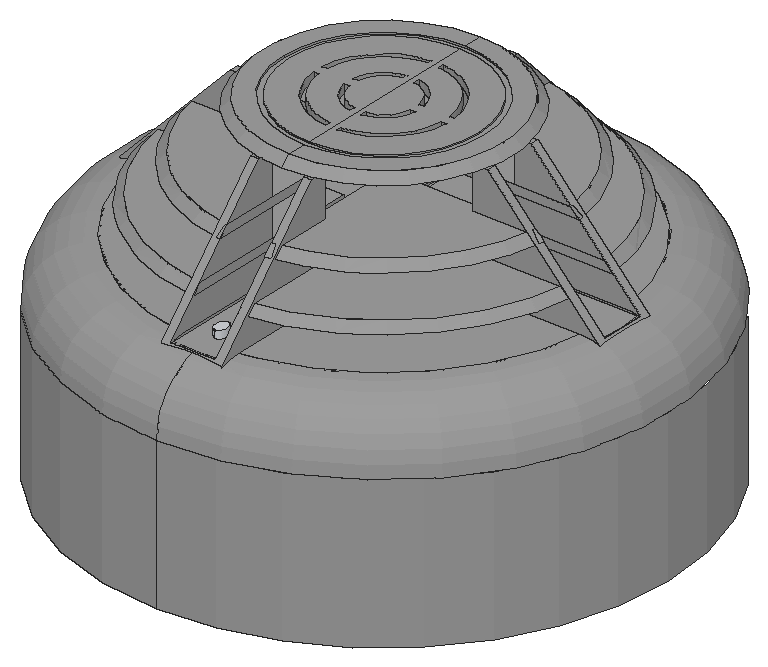
Revit family "Dougs", category Fire Alarm Devices, Revit 2014
Parameters (values of type "Notifier by Honeywell OPAL Thermal Sensor NFXI-TDIFF, NFXI-TFIX58, NFXI-TFIX78")
  Zone number = ""
  URL = "www.notifierfiresystems.co.uk"
  Tel No. = "+44 (0) 1273 897000"
  Product Code = "NFXI-TDIFF, NFXI-TFIX58,NFXI-TFIX78"
  Model = "OPAL Thermal Sensor"
  Manufacturer = "Notifier by Honeywell"
  Loop number = ""
  Fax No. = "+44 (0) 1273 376894"
  Email = "sales@notifierefiresystems.co.uk"
  Detector number = ""
  Description = "Thermal Sensor"
  Control Panel name = ""
  Assembly Code = "D4090900"
  Address line 1 = "Caburn House, Brooks Road, Lewes, E. Sussex BN7 2BY"
Reference planes
  plane 1 "Center (Front/Back)": y = 0
  plane 2: z = 0
  plane 3 "Center (Left/Right)": x = 0
Forms (mm)
  Revolve 1, solid, material "ALARM"
    sketch origin (0, 0, 0) x (0, 1, 0) y (0, 0, 1)
      loop
        line (0, 0) -> (0, 38) -> (-40.013, 38)
        arc (-40.013, 38) -> (-47.782, 34.782) -> (-51, 27.013) r 10.987
        line (-51, 27.013) -> (-51, 0) -> (0, 0)
      axis (0, 0) -> (0, 38)
    angle from 0 to 360
  Revolve 2, solid, material "ALARM"
    sketch origin (0, 0, 0.963) x (0, 1, 0) y (0, 0, 1)
      loop
        line (0, 42.008) -> (0, 43.481) -> (-36.478, 43.481) -> (-37.952, 42.008) -> (0, 42.008)
      axis (0, 42.008) -> (0, 43.481)
    angle from 0 to 360
  Revolve 3, solid, material "ALARM"
    sketch origin (0, 0, 2.04) x (0, 1, 0) y (0, 0, 1)
      loop
        line (0, 47.478) -> (0, 49.008) -> (-30.473, 49.008) -> (-32.003, 47.478) -> (0, 47.478)
      axis (0, 49.008) -> (0, 47.478)
    angle from 0 to 360
  Extrusion 4, solid, material "ALARM"
    sketch origin (0, 0, 0) x (0, 1, 0) y (0, 0, 1)
      loop
        line (-23.011, 58.51) -> (-43.62, 36.801) -> (-20.19, 36.801) -> (-20.19, 58.51) -> (-23.011, 58.51)
    from -5.5 to 5.5
  Extrusion 5, void
    sketch origin (0, 0, 0) x (1, 0, 0) y (0, 0, 1)
      loop
        line (4, 58.51) -> (-4, 58.51) -> (-4, 37.718) -> (4, 37.718) -> (4, 58.51)
    from 47.446 to 0
  Extrusion 6, solid
    sketch origin (0, 0, 0) x (1, 0, 0) y (0, 1, 0)
      loop
        spline (0, -37.899) -> (0.259, -37.849) -> (0.501, -37.703) -> (0.709, -37.47) -> (0.868, -37.167) -> (0.968, -36.813) -> (1.002, -36.434) -> (0.968, -36.055) -> (0.868, -35.702) -> (0.709, -35.399) -> (0.501, -35.166) -> (0.259, -35.02) -> (0, -34.97)
        spline (0, -34.97) -> (-0.259, -35.02) -> (-0.501, -35.166) -> (-0.709, -35.399) -> (-0.868, -35.702) -> (-0.968, -36.055) -> (-1.002, -36.434) -> (-0.968, -36.813) -> (-0.868, -37.167) -> (-0.709, -37.47) -> (-0.501, -37.703) -> (-0.259, -37.849) -> (0, -37.899)
      loop
        spline (0, 34.972) -> (0.269, 35.022) -> (0.52, 35.168) -> (0.735, 35.401) -> (0.9, 35.703) -> (1.004, 36.056) -> (1.04, 36.434) -> (1.004, 36.813) -> (0.9, 37.165) -> (0.735, 37.468) -> (0.52, 37.701) -> (0.269, 37.847) -> (0, 37.896)
        spline (0, 37.896) -> (-0.269, 37.847) -> (-0.52, 37.701) -> (-0.735, 37.468) -> (-0.9, 37.165) -> (-1.004, 36.813) -> (-1.04, 36.434) -> (-1.004, 36.056) -> (-0.9, 35.703) -> (-0.735, 35.401) -> (-0.52, 35.168) -> (-0.269, 35.022) -> (0, 34.972)
    from 30 to 39
  Revolve 7, solid, material "ALARM"
    sketch origin (0, 0, 11.032) x (0, 1, 0) y (0, 0, 1)
      loop
        line (0, 47.478) -> (0, 49.008) -> (-21.481, 49.008) -> (-23.011, 47.478) -> (0, 47.478)
      axis (0, 49.008) -> (0, 47.478)
    angle from 0 to 360
  Extrusion 8, solid, material "ALARM"
    sketch origin (0, 0, 0) x (-1, 0, 0) y (0, 0, 1)
      loop
        line (-23.011, 58.51) -> (-43.62, 36.801) -> (-20.19, 36.801) -> (-20.19, 58.51) -> (-23.011, 58.51)
    from -5.5 to 5.5
  Extrusion 9, void
    sketch origin (0, 0, 0) x (0, 1, 0) y (0, 0, 1)
      loop
        line (4, 58.51) -> (-4, 58.51) -> (-4, 37.718) -> (4, 37.718) -> (4, 58.51)
    from 47.446 to 0
  Extrusion 10, solid, material "ALARM"
    sketch origin (0, 0, 0) x (0, -1, 0) y (0, 0, 1)
      loop
        line (-23.011, 58.51) -> (-43.62, 36.801) -> (-20.19, 36.801) -> (-20.19, 58.51) -> (-23.011, 58.51)
    from -5.5 to 5.5
  Extrusion 11, void
    sketch origin (0, 0, 0) x (-1, 0, 0) y (0, 0, 1)
      loop
        line (4, 58.51) -> (-4, 58.51) -> (-4, 37.718) -> (4, 37.718) -> (4, 58.51)
    from 47.446 to 0
  Extrusion 12, solid, material "ALARM"
    sketch origin (0, 0, 0) x (1, 0, 0) y (0, 0, 1)
      loop
        line (-23.011, 58.51) -> (-43.62, 36.801) -> (-20.19, 36.801) -> (-20.19, 58.51) -> (-23.011, 58.51)
    from -5.5 to 5.5
  Extrusion 13, void
    sketch origin (0, 0, 0) x (0, -1, 0) y (0, 0, 1)
      loop
        line (4, 58.51) -> (-4, 58.51) -> (-4, 37.718) -> (4, 37.718) -> (4, 58.51)
    from 47.446 to 0
  Extrusion 14, void
    sketch origin (0, 0, 0) x (1, 0, 0) y (0, 1, 0)
      loop
        line (-11.914, 1) -> (-10.91, 1)
        arc (-10.91, 1) -> (-7.747, 7.747) -> (-1, 10.91) r 10.956
        line (-1, 10.91) -> (-1, 11.914)
        arc (-1, 11.914) -> (-8.454, 8.454) -> (-11.914, 1) r 11.956
      loop
        line (-6.427, 1) -> (-5.413, 1)
        arc (-5.413, 1) -> (-3.892, 3.892) -> (-1, 5.413) r 5.504
        line (-1, 5.413) -> (-1, 6.427)
        arc (-1, 6.427) -> (-4.599, 4.599) -> (-6.427, 1) r 6.504
      loop
        arc (-11.914, -1) -> (-8.454, -8.454) -> (-1, -11.914) r 11.956
        line (-1, -11.914) -> (-1, -10.91)
        arc (-1, -10.91) -> (-7.747, -7.747) -> (-10.91, -1) r 10.956
        line (-10.91, -1) -> (-11.914, -1)
      loop
        arc (-6.427, -1) -> (-4.599, -4.599) -> (-1, -6.427) r 6.504
        line (-1, -6.427) -> (-1, -5.413)
        arc (-1, -5.413) -> (-3.892, -3.892) -> (-5.413, -1) r 5.504
        line (-5.413, -1) -> (-6.427, -1)
      loop
        arc (11.914, 1) -> (8.454, 8.454) -> (1, 11.914) r 11.956
        line (1, 11.914) -> (1, 10.91)
        arc (1, 10.91) -> (7.747, 7.747) -> (10.91, 1) r 10.956
        line (10.91, 1) -> (11.914, 1)
      loop
        arc (6.427, 1) -> (4.599, 4.599) -> (1, 6.427) r 6.504
        line (1, 6.427) -> (1, 5.413)
        arc (1, 5.413) -> (3.892, 3.892) -> (5.413, 1) r 5.504
        line (5.413, 1) -> (6.427, 1)
      loop
        line (11.914, -1) -> (10.91, -1)
        arc (10.91, -1) -> (7.747, -7.747) -> (1, -10.91) r 10.956
        line (1, -10.91) -> (1, -11.914)
        arc (1, -11.914) -> (8.454, -8.454) -> (11.914, -1) r 11.956
      loop
        line (6.427, -1) -> (5.413, -1)
        arc (5.413, -1) -> (3.892, -3.892) -> (1, -5.413) r 5.504
        line (1, -5.413) -> (1, -6.427)
        arc (1, -6.427) -> (4.599, -4.599) -> (6.427, -1) r 6.504
    from 55 to 65
  Extrusion 15, void
    sketch origin (0, 0, 0) x (1, 0, 0) y (0, 1, 0)
      loop
        circle (0, 0) r 18.005
      loop
        circle (0, 0) r 16.963
    from 59.8 to 65
Cuts and joins
  Extrusion 5, Extrusion 9, Extrusion 11, Extrusion 13 cuts Revolve 1
  Extrusion 5, Extrusion 9, Extrusion 11, Extrusion 13 cuts Revolve 2
  Extrusion 5, Extrusion 9, Extrusion 11, Extrusion 13 cuts Revolve 3
  Extrusion 5, Extrusion 9 cuts Extrusion 4
  Extrusion 9, Extrusion 11 cuts Extrusion 6
  Extrusion 9, Extrusion 11, Extrusion 13, Extrusion 14, Extrusion 15 cuts Revolve 7
  Extrusion 9 cuts Extrusion 8
  Extrusion 11 cuts Extrusion 10
  Extrusion 13 cuts Extrusion 12
